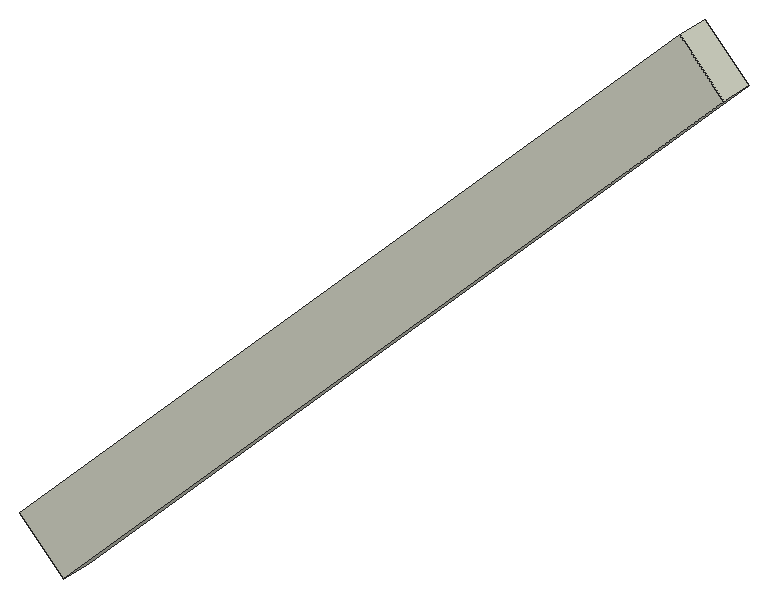
Revit family "グレーチング_H形鋼", category Generic Models, Revit 2023
Family settings
  Can host rebar = No
  Round Connector Dimension = Use Diameter
  Part Type = Normal
  Work Plane-Based = Yes
  Always vertical = No
  Cut with Voids When Loaded = No
  Maintain Annotation Orientation = No
  Shared = No
  Room Calculation Point = No
Parameters (values of type "Ｈ 100 x 50")
  高さ = 100 mm
  長辺 [instance] = 長さ  # 1500 mm
  長さ [instance] = 1500 mm
  部屋名 = ""
  角度 [instance] = 45.00°
  Default Elevation = 1219.2 mm
  構造マテリアル = E614_グレーチング
  幅 = 50 mm
Types (33, lengths in mm): name | 高さ | 長辺 | 長さ | 角度 | 幅
  Ｈ 900 x 300 | 900 | 1000 | 1000 | 45.00° | 300
  Ｈ 800 x 300 | 800 | 1000 | 1000 | 45.00° | 300
  Ｈ 700 x 300 | 700 | 1000 | 1000 | 45.00° | 300
  Ｈ 588 x 300 | 588 | 1000 | 1000 | 45.00° | 300
  Ｈ 600 x 200 | 600 | 1000 | 1000 | 45.00° | 200
  Ｈ 488 x 300 | 488 | 1000 | 1000 | 45.00° | 300
  Ｈ 500 x 200 | 500 | 1000 | 1000 | 45.00° | 200
  Ｈ 440 x 300 | 440 | 1000 | 1000 | 45.00° | 300
  Ｈ 450 x 200 | 450 | 1000 | 1000 | 90.00° | 200
  Ｈ 400 x 400 | 400 | 1000 | 1000 | 45.00° | 400
  Ｈ 390 x 300 | 390 | 1000 | 1000 | 45.00° | 300
  Ｈ 400 x 200 | 400 | 1000 | 1000 | 45.00° | 200
  Ｈ 350 x 350 | 350 | 1000 | 1000 | 45.00° | 350
  Ｈ 340 x 250 | 340 | 1000 | 1000 | 45.00° | 250
  Ｈ 294 x 200 | 294 | 1000 | 1000 | 45.00° | 200
  Ｈ 244 x 175 | 244 | 1000 | 1000 | 45.00° | 175
  Ｈ 350 x 175 | 350 | 1000 | 1000 | 45.00° | 175
  Ｈ 300 x 300 | 300 | 1000 | 1000 | 45.00° | 300
  Ｈ 300 x 150 | 300 | 1000 | 1000 | 45.00° | 150
  Ｈ 250 x 250 | 250 | 1000 | 1000 | 45.00° | 250
  Ｈ 250 x 125 | 250 | 1000 | 1000 | 45.00° | 125
  Ｈ 200 x 200 | 200 | 1000 | 1000 | 45.00° | 200
  Ｈ 194 x 150 | 194 | 1000 | 1000 | 45.00° | 150
  Ｈ 200 x 100 | 200 | 1000 | 1000 | 45.00° | 100
  Ｈ 175 x 175 | 175 | 1000 | 1000 | 45.00° | 175
  Ｈ 175 x 90 | 175 | 1000 | 1000 | 45.00° | 90
  Ｈ 150 x 150 | 150 | 500 | 500 | 45.00° | 150
  Ｈ 148 x 100 | 148 | 1000 | 1000 | 45.00° | 100
  Ｈ 150 x 75 | 150 | 1000 | 1000 | 45.00° | 75
  Ｈ 125 x 125 | 125 | 500 | 500 | 45.00° | 125
  Ｈ 125 x 60 | 125 | 1000 | 1000 | 45.00° | 60
  Ｈ 100 x100 | 100 | 500 | 500 | 45.00° | 100
  Ｈ 100 x 50 | 100 | 1500 | 1500 | 45.00° | 50
Reference planes
  plane 1 "中心(正面/背面)": y = 0
  plane 2: z = 0
  plane 3 "中心(左/右)": x = 0
Lines and regions (mm)
  reference lines
    curve 1: line (0, 0, 0) -> (777.817, 0, 777.817)
    curve 2: line (35.355, 0, -35.355) -> (-35.355, 0, 35.355)
    curve 3: line (1096.016, 0, 1025.305) -> (1025.305, 0, 1096.016)
Dimensions and locks
  equal spacing: curve 2, curve 1, curve 2
  "高さ": curve 2 to curve 2
  equal spacing: curve 3, curve 1, curve 3
  "高さ": curve 3 to curve 3
  "長さ": curve 3 to curve 2
  "角度": angle level to curve 1
  angle curve 2 to curve 1 = 90.00°
  angle curve 3 to curve 1 = 90.00°
  aligned and locked: level to plane 2
  aligned and locked: level to curve 1
  aligned and locked: plane 3 "中心(左/右)" to curve 1
  aligned and locked: nested 1 to curve 1
Nested families
  nested 1: "グレーチング_H形鋼 1" at (-35.355, 0, 35.355) x (0, 1, 0) z (0.7071, 0, -0.7071), 長さ <- "長さ", type "Ｈ 100 x 50"
    with 長辺 1500 mm, 長さ 1500 mm
Definition of nested family "グレーチング_H形鋼 1"
  Parameters (values of type "Ｈ 150 x 150")
    高さ = 150 mm
    長辺 [instance] = 長さ  # 500 mm
    長さ [instance] = 500 mm
    部屋名 = ""
    Default Elevation = 1219.2 mm
    構造マテリアル = none
    幅 = 150 mm
  Types (33, lengths in mm): name | 高さ | 長辺 | 長さ | 幅
    Ｈ 900 x 300 | 900 | 1000 | 1000 | 300
    Ｈ 800 x 300 | 800 | 1000 | 1000 | 300
    Ｈ 700 x 300 | 700 | 1000 | 1000 | 300
    Ｈ 588 x 300 | 588 | 1000 | 1000 | 300
    Ｈ 600 x 200 | 600 | 1000 | 1000 | 200
    Ｈ 488 x 300 | 488 | 1000 | 1000 | 300
    Ｈ 500 x 200 | 500 | 1000 | 1000 | 200
    Ｈ 440 x 300 | 440 | 1000 | 1000 | 300
    Ｈ 450 x 200 | 450 | 1000 | 1000 | 200
    Ｈ 400 x 400 | 400 | 1000 | 1000 | 400
    Ｈ 390 x 300 | 390 | 1000 | 1000 | 300
    Ｈ 400 x 200 | 400 | 1000 | 1000 | 200
    Ｈ 350 x 350 | 350 | 1000 | 1000 | 350
    Ｈ 340 x 250 | 340 | 1000 | 1000 | 250
    Ｈ 294 x 200 | 294 | 1000 | 1000 | 200
    Ｈ 244 x 175 | 244 | 1000 | 1000 | 175
    Ｈ 350 x 175 | 350 | 1000 | 1000 | 175
    Ｈ 300 x 300 | 300 | 1000 | 1000 | 300
    Ｈ 300 x 150 | 300 | 500 | 500 | 150
    Ｈ 250 x 250 | 250 | 500 | 500 | 250
    Ｈ 250 x 125 | 250 | 500 | 500 | 125
    Ｈ 200 x 200 | 200 | 500 | 500 | 200
    Ｈ 194 x 150 | 194 | 500 | 500 | 150
    Ｈ 200 x 100 | 200 | 500 | 500 | 100
    Ｈ 175 x 175 | 175 | 500 | 500 | 175
    Ｈ 175 x 90 | 175 | 500 | 500 | 90
    Ｈ 150 x 150 | 150 | 500 | 500 | 150
    Ｈ 148 x 100 | 148 | 500 | 500 | 100
    Ｈ 150 x 75 | 150 | 500 | 500 | 75
    Ｈ 125 x 125 | 125 | 500 | 500 | 125
    Ｈ 125 x 60 | 125 | 500 | 500 | 60
    Ｈ 100 x100 | 100 | 500 | 500 | 100
    Ｈ 100 x 50 | 100 | 500 | 500 | 50
  Reference planes
    plane 1 "中心(正面/背面)": y = 0
    plane 2: z = 0
    plane 3 "中心(左/右)": x = 0
    plane 4: z = 75
    plane 5: z = 150
  Forms (mm)
    Extrusion 1, solid, material <- "構造マテリアル"
      sketch origin (0, 0, 0) x (1, 0, 0) y (0, 1, 0)
        loop
          line (-75, 500) -> (-75, 0) -> (75, 0) -> (75, 500) -> (-75, 500)
      from 0 to 150
  Lines and regions (mm)
    reference lines
      curve 1: line (75, 500, 0) -> (-75, 500, 0)
      curve 2: line (75, 0, 0) -> (-75, 0, 0)
  Dimensions and locks
    "長さ": curve 1 to curve 2
    "幅": Extrusion 1 to Extrusion 1
    equal spacing: Extrusion 1, plane 3 "中心(左/右)", Extrusion 1
    "幅": curve 1 to curve 1
    equal spacing: curve 1, plane 3 "中心(左/右)", curve 1
    "幅": curve 2 to curve 2
    equal spacing: curve 2, plane 3 "中心(左/右)", curve 2
    equal spacing: plane 5, plane 4, level
    "高さ": plane 5 to level
    aligned and locked: level to plane 2
    aligned and locked: Extrusion 1 to curve 2
    aligned and locked: curve 1 to Extrusion 1
    aligned and locked: plane 5 to Extrusion 1
  Automatic sketch dimensions
    Extrusion 1 sketch curve to plane 3 "中心(左/右)" = 75 mm
    plane 3 "中心(左/右)" to Extrusion 1 sketch curve = 75 mm
    plane 1 "中心(正面/背面)" to Extrusion 1 sketch curve = 0 mm
    Extrusion 1 sketch curve to plane 1 "中心(正面/背面)" = 500 mm
    plane 1 "中心(正面/背面)" to curve 2 = 0 mm
